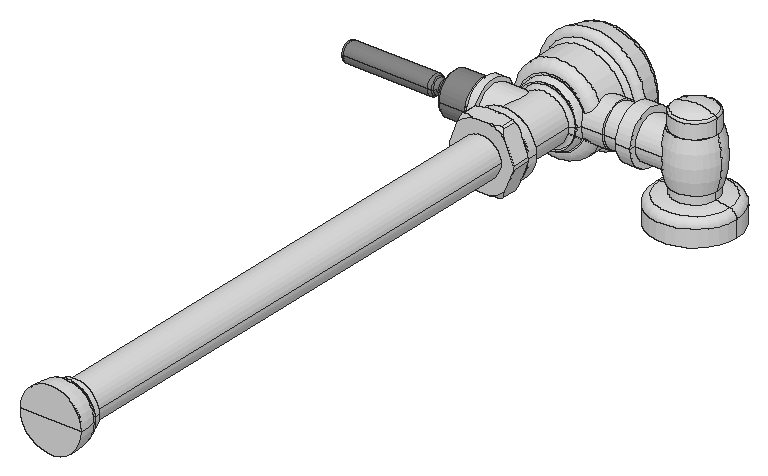
Revit family "---------Plumbing-Valves-Sloan-WES-115", category Plumbing Fixtures, host Face, Revit 2019
Family settings
  Host = Face
  Round Connector Dimension = Use Diameter
  Part Type = Normal
  OmniClass Number = 23.45.05.14.99
  OmniClass Title = Other Sanitary Washing Plumbing Fixtures
  Cut with Voids When Loaded = No
  Shared = No
  Room Calculation Point = No
Parameters (values of type "WES 115-1.6/1.1")
  Water Inlet Connection Diameter = 1"  # constant formula
  Waste Connection = no
  WFU = 0
  Vent Connection = no
  Valve Pressure Drop = 0.00 psi
  URL = "www.sloanvalve.com"
  Product data url = "https://www.bimobject.com/sloan_valve/product/flushometers_uppercut_wes-115"
  Product Material = Sloan Valve - Finish - Polished Chrome
  Product Guid = ""
  Part Number = "3720300"
  Operating Water Pressure = "15 – 80 PSI (103 – 552 kPa)"  # constant formula
  Model = "WES 115-1.6/1.1"
  Manufacturer = "Sloan Valve"  # constant formula
  Keynote = "15410"
  Height = 26 1/2"  # constant formula
  HWFU = 0
  HW Connection = no
  Flush Rate = "1.6/1.1 gpf (6.0/4.2 Lpf)"  # constant formula
  Edition number = 1
  Description = "1.6/1.1 gpf, Polished Chrome Finish, Fixture Connection Top Spud, Single Flush, UPPERCUT® Exposed Manual Water Closet Flushometer."
  Default Elevation = 0"
  Centerline of Supply to Centerline of Valve = 4 3/4"  # constant formula
  Centerline of Supply from Top of Fixture = 24"  # constant formula
  CWFU = 0
  CW Connection = yes
  Assembly Code = "D2020300"
Types (7): name | Part Number | Model | Description
  WES 115-1.6/1.1 | "3720300" | "WES 115-1.6/1.1" | "1.6/1.1 gpf, Polished Chrome Finish, Fixture Connection Top Spud, Single Flush, UPPERCUT® Exposed Manual Water Closet Flushometer."
  WES 115-1.6/1.1-U-WWT | "3720316" | "WES 115-1.6/1.1-U-WWT" | "1.6/1.1 gpf, Polished Chrome Finish, 1.25\" Flush Connection, Fixture Connection Top Spud, Single Flush, Whitworth Thread, UPPERCUT® Exposed Manual Water Closet Flushometer."
  WES 115-1.6/1.1-YI | "3720306" | "WES 115-1.6/1.1-YI" | "1.6/1.1 gpf, Double Wall Bumper, Polished Chrome Finish, Fixture Connection Top Spud, Single Flush, UPPERCUT® Exposed Manual Water Closet Flushometer."
  WES 115-1.6/1.1-T-2-OFST | "3720304" | "WES 115-1.6/1.1-T-2-OFST" | "1.6/1.1 gpf, Polished Chrome Finish, 1.5\" Flush Connection, Fixture Connection Top Spud, Single Flush, 2 Offset, UPPERCUT® Exposed Manual Water Closet Flushometer"
  WES 115-1.6/1.1-1-1/2-OFST-YK | "3720301" | "WES 115-1.6/1.1-1-1/2-OFST-YK" | "1.6/1.1 gpf, Polished Chrome Finish, Fixture Connection Top Spud, Single Flush, 1.5 Offset, Solid Ring Pipe Support, UPPERCUT® Exposed Manual Water Closet Flushometer."
  WES 115-1.6/1.1-WWT | "3720315" | "WES 115-1.6/1.1-WWT" | "1.6/1.1 gpf, Polished Chrome Finish, Fixture Connection Top Spud, Single Flush, Whitworth Thread, UPPERCUT® Exposed Manual Water Closet Flushometer"
  WES 115-1.6/1.1-2-OFST | "3720303" | "WES 115-1.6/1.1-2-OFST" | "1.6/1.1 gpf, Polished Chrome Finish, Fixture Connection Top Spud, Single Flush, 2 Offset, UPPERCUT® Exposed Manual Water Closet Flushometer."
Reference planes (in)
  plane 1 "Center (Front/Back)": y = 0
  plane 2: z = 0
  plane 3 "Center (Left/Right)": x = 0
  plane 4: x = 4.75
  plane 5: y = -24
Dimensions and locks (in)
  "Centerline of Supply to Centerline of Valve": plane 3 "Center (Left/Right)" to plane 4
  "Centerline of Supply from Top of Fixture": plane 5 to plane 1 "Center (Front/Back)"
  aligned and locked: plane 2 to host face
  aligned and locked: level to host face
Automatic sketch dimensions
  host sketch curve to host sketch curve = 96"
  host sketch curve to host sketch curve = 71"
Nested families (in)
  nested 1: "Geometry" at (0, -24, 0) x (1, 0, 0) z (0, 1, 0), type "Geometry"
Connectors (in)
  piping at (4.75, 0, 0), diameter 1, driven by "CWFU", driven by "Valve Pressure Drop", driven by "Water Inlet Connection Diameter"
    settings: on nested 1, index 2, connector inside diameter 24", connector length 0", flow factor 0, pipe flow 0 GPM, pressure drop 0.00 psi, fitting loss kfactor 0, connector angle 0.00°, fixture units 0, engagement length 0", angle of deflection 0.00°, flow configuration 3, flow direction 1, fitting loss method 4, system type 20, joint type 0, gender type 0, connector reference index -1, connector utility 0, adjustable connector no, is connector primary yes, connector description "Water Inlet Connection"
Definition of nested family "Geometry"
  Parameters (values of type "Geometry")
    URL = ""
    Product Material = none
    Model = ""
    Manufacturer = ""
    Keynote = ""
    Description = ""
    Default Elevation = 0"
    Assembly Code = ""
  Reference planes (in)
    plane 1 "Center (Front/Back)": y = 0
    plane 2: z = 0
    plane 3 "Center (Left/Right)": x = 0
    plane 4: x = 4.75
    plane 5: y = -2.25
    plane 6: z = 24
  Forms (in)
    Extrusion 1, solid
      sketch origin (0, 0, 0) x (1, 0, 0) y (0, 1, 0)
        loop
          line (-48, 48) -> (-48, -48) -> (48, -48) -> (48, 48) -> (-48, 48)
      from 0 to -12
    Extrusion 2, solid, not visible
      sketch origin (0, 0, 0) x (1, 0, 0) y (0, 0, 1)
        loop
          circle (4.75, 24) r 1
      from 0.07956 to 0
    Revolve 3, solid, material <- "Product Material"
      sketch origin (-9.4368, -180, 24) x (-1, 0, 0) y (0, -1, 0)
        loop
          line (-14.1868, -180) -> (-12.63232, -180) -> (-12.63232, -179.38855)
          arc (-12.63232, -179.38855) -> (-12.70385, -179.19724) -> (-12.88334, -179.09978) r 0.29161
          arc (-12.88334, -179.09978) -> (-13.13907, -179.03831) -> (-13.40003, -179.00554) r 2.37095
          line (-13.40003, -179.00554) -> (-13.40003, -178.6752) -> (-13.34098, -178.6752)
          arc (-13.34098, -178.6752) -> (-13.18676, -177.75) -> (-13.34098, -176.8248) r 2.85227
          line (-13.34098, -176.8248) -> (-13.38035, -176.8248) -> (-13.38035, -176.30914)
          arc (-13.38035, -176.30914) -> (-13.39572, -176.25773) -> (-13.4368, -176.22321) r 0.09363
          arc (-13.4368, -176.22321) -> (-13.80226, -176.09611) -> (-14.1868, -176.05303) r 1.73773
          line (-14.1868, -176.05303) -> (-14.1868, -180)
        axis (-14.1868, -180) -> (-14.1868, -176.05303)
      angle from 0 to 360
    Revolve 4, solid, material <- "Product Material"
      sketch origin (-6.95658, -2.25, 142.48031) x (1, 0, 0) y (0, 0, 1)
        loop
          arc (8.09831, -142.48031) -> (8.08758, -142.15646) -> (8.04191, -141.83566) r 2.99497
          arc (8.04191, -141.83566) -> (7.98413, -141.71305) -> (7.86182, -141.65462) r 0.20189
          line (7.86182, -141.65462) -> (7.86182, -141.37914) -> (7.67533, -141.37914) -> (7.67533, -122.46637) -> (6.95658, -122.46637) -> (6.95658, -142.48031) -> (8.09831, -142.48031)
        loop
          line (6.95658, -121.31012) -> (7.86209, -121.31012) -> (7.86209, -119.571)
          arc (7.86209, -119.571) -> (7.90326, -119.47161) -> (8.00266, -119.43044) r 0.14057
          line (8.00266, -119.43044) -> (8.05894, -119.43044)
          arc (8.05894, -119.43044) -> (8.11858, -119.29902) -> (8.15737, -119.16002) r 0.93862
          line (8.15737, -119.16002) -> (8.22206, -119.16002)
          arc (8.22206, -119.16002) -> (8.4762, -119.05475) -> (8.58147, -118.80061) r 0.35941
          line (8.58147, -118.80061) -> (8.58147, -117.76424)
          arc (8.58147, -117.76424) -> (8.61171, -117.6454) -> (8.68331, -117.54584) r 0.32943
          arc (8.68331, -117.54584) -> (8.86833, -117.46921) -> (8.94497, -117.28419) r 0.26166
          line (8.94497, -117.28419) -> (8.79543, -116.58066)
          arc (8.79543, -116.58066) -> (8.71339, -116.44679) -> (8.56539, -116.39438) r 0.23518
          arc (8.56539, -116.39438) -> (8.33198, -116.37377) -> (8.09831, -116.35636) r 17.15253
          line (8.09831, -116.35636) -> (8.09831, -116.08915) -> (7.70461, -116.08915) -> (7.64556, -115.97104) -> (6.95658, -115.97104) -> (6.95658, -121.31012)
        axis (6.95658, -142.48031) -> (6.95658, -115.97104)
      angle from 0 to 360
    Revolve 5, solid
      sketch origin (-6.95658, -2.25, 142.48031) x (1, 0, 0) y (0, 0, 1)
        loop
          line (5, -119.98031) -> (5, -119.2126) -> (4.0171, -119.2126)
          arc (4.0171, -119.2126) -> (3.92793, -119.28226) -> (3.85827, -119.37143) r 0.46405
          line (3.85827, -119.37143) -> (3.85827, -119.56828)
          arc (3.85827, -119.56828) -> (3.70972, -119.61345) -> (3.58268, -119.7027) r 0.49152
          arc (3.58268, -119.7027) -> (3.48425, -119.74264) -> (3.38583, -119.7027) r 0.14124
          line (3.38583, -119.7027) -> (3.35236, -119.66923)
          arc (3.35236, -119.66923) -> (3.3041, -119.63698) -> (3.24717, -119.62566) r 0.14875
          line (3.24717, -119.62566) -> (0.11476, -119.62566)
          arc (0.11476, -119.62566) -> (0.03361, -119.65927) -> (0, -119.74042) r 0.11476
          line (0, -119.74042) -> (0, -119.98031) -> (5, -119.98031)
        axis (5, -119.98031) -> (0, -119.98031)
      angle from 0 to 360
    Revolve 6, solid, material <- "Product Material"
      sketch origin (-6.95658, -2.25, 142.48031) x (1, 0, 0) y (0, 0, 1)
        loop
          line (5, -119.98031) -> (6.93793, -119.98031) -> (6.93793, -119.15943) -> (5.43793, -119.15943) -> (5.43793, -119.01995) -> (5.15693, -119.01995)
          arc (5.15693, -119.01995) -> (5.07114, -119.08245) -> (5, -119.16123) r 0.5144
          line (5, -119.16123) -> (5, -119.98031)
        axis (6.93793, -119.98031) -> (5, -119.98031)
      angle from 0 to 360
    Revolve 7, solid, material <- "Product Material"
      sketch origin (-6.95658, -2.25, 142.48031) x (1, 0, 0) y (0, 0, 1)
        loop
          line (10.08152, -117.7126) -> (10.08152, -117.49606) -> (9.55027, -117.49606) -> (9.55027, -117.7126) -> (8.927, -117.7126) -> (8.927, -117.67323) -> (6.95658, -117.67323) -> (6.95658, -118.48031) -> (11.70658, -118.48031) -> (11.70658, -117.7126) -> (10.08152, -117.7126)
        axis (6.95658, -118.48031) -> (11.70658, -118.48031)
      angle from 0 to 360
  Lines and regions (in)
    Masking region 1
      outline origin (0, 0, 0) x (1, 0, 0) y (0, 1, 0)
        loop
          line (6.30453, 0) -> (3.19547, 0) -> (3.19547, -0.60176)
          arc (3.19547, -0.60176) -> (3.27619, -0.78833) -> (3.4459, -0.90022) r 0.3557
          arc (3.4459, -0.90022) -> (3.7016, -0.962) -> (3.9626, -0.99481) r 2.34951
          line (3.9626, -0.99481) -> (3.9626, -1.3248) -> (3.90354, -1.3248)
          arc (3.90354, -1.3248) -> (3.87677, -1.40444) -> (3.85241, -1.48484) r 2.77845
          line (3.85241, -1.48484) -> (3.12437, -1.48484) -> (3.12437, -1.26142) -> (2.59312, -1.26142) -> (2.59312, -1.44004) -> (1.81594, -1.44004)
          arc (1.81594, -1.44004) -> (0.08397, -0.26339) -> (-1.74112, -1.2897) r 1.98839
          line (-1.74112, -1.2897) -> (-1.79975, -1.2897)
          arc (-1.79975, -1.2897) -> (-1.88585, -1.35177) -> (-1.95658, -1.43091) r 0.49065
          line (-1.95658, -1.43091) -> (-1.95658, -1.48228) -> (-2.93948, -1.48228)
          arc (-2.93948, -1.48228) -> (-3.02916, -1.55144) -> (-3.09831, -1.64112) r 0.44191
          line (-3.09831, -1.64112) -> (-3.09831, -1.83797)
          arc (-3.09831, -1.83797) -> (-3.24623, -1.8825) -> (-3.37186, -1.97238) r 0.47212
          arc (-3.37186, -1.97238) -> (-3.47131, -2.01358) -> (-3.57076, -1.97238) r 0.14064
          line (-3.57076, -1.97238) -> (-3.60102, -1.94212)
          arc (-3.60102, -1.94212) -> (-3.6522, -1.90792) -> (-3.71256, -1.89592) r 0.15774
          line (-3.71256, -1.89592) -> (-6.83954, -1.89592)
          arc (-6.83954, -1.89592) -> (-6.92313, -1.92067) -> (-6.95928, -2) r 0.10511
          line (-6.95928, -2) -> (-6.95928, -2.25) -> (-6.95928, -2.5)
          arc (-6.95928, -2.5) -> (-6.92313, -2.57933) -> (-6.83954, -2.60408) r 0.10511
          line (-6.83954, -2.60408) -> (-3.71256, -2.60408)
          arc (-3.71256, -2.60408) -> (-3.6522, -2.59208) -> (-3.60102, -2.55788) r 0.15774
          line (-3.60102, -2.55788) -> (-3.57076, -2.52762)
          arc (-3.57076, -2.52762) -> (-3.47131, -2.48642) -> (-3.37186, -2.52762) r 0.14064
          arc (-3.37186, -2.52762) -> (-3.24623, -2.6175) -> (-3.09831, -2.66203) r 0.47212
          line (-3.09831, -2.66203) -> (-3.09831, -2.85888)
          arc (-3.09831, -2.85888) -> (-3.02916, -2.94856) -> (-2.93948, -3.01772) r 0.44191
          line (-2.93948, -3.01772) -> (-1.95658, -3.01772) -> (-1.95658, -3.06909)
          arc (-1.95658, -3.06909) -> (-1.88585, -3.14823) -> (-1.79975, -3.2103) r 0.49065
          line (-1.79975, -3.2103) -> (-1.74112, -3.2103)
          arc (-1.74112, -3.2103) -> (0.08402, -4.23661) -> (1.81598, -3.05987) r 1.98839
          line (1.81598, -3.05987) -> (2.59312, -3.05987) -> (2.59312, -3.23579) -> (3.12437, -3.23579) -> (3.12437, -3.01791) -> (3.8532, -3.01791)
          arc (3.8532, -3.01791) -> (3.8772, -3.09693) -> (3.90354, -3.1752) r 2.77845
          line (3.90354, -3.1752) -> (3.94291, -3.1752) -> (3.94291, -3.6752)
          arc (3.94291, -3.6752) -> (3.95934, -3.74449) -> (4.00511, -3.79904) r 0.1544
          arc (4.00511, -3.79904) -> (4.75, -3.97483) -> (5.49489, -3.79904) r 1.66617
          arc (5.49489, -3.79904) -> (5.54066, -3.74449) -> (5.55709, -3.6752) r 0.1544
          line (5.55709, -3.6752) -> (5.55709, -3.1752) -> (5.59646, -3.1752)
          arc (5.59646, -3.1752) -> (5.75502, -2.25) -> (5.59646, -1.3248) r 2.77845
          line (5.59646, -1.3248) -> (5.5374, -1.3248) -> (5.5374, -0.99481)
          arc (5.5374, -0.99481) -> (5.7984, -0.962) -> (6.0541, -0.90022) r 2.34951
          arc (6.0541, -0.90022) -> (6.22381, -0.78833) -> (6.30453, -0.60176) r 0.3557
          line (6.30453, -0.60176) -> (6.30453, 0)
    symbolic lines, detail levels medium+fine
      curve 1: line (5.59646, -3.1752, 0) -> (3.90354, -3.1752, 0)
      curve 2: line (5.59646, -1.3248, 0) -> (3.90354, -1.3248, 0)
      curve 3: line (3.9594, -1.00041, 0) -> (5.54725, -1.00041, 0)
      curve 4: line (3.12494, -1.29358, 0) -> (3.12494, -2.25, 0)
      curve 5: line (3.12494, -2.25, 0) -> (3.12494, -3.20642, 0)
      curve 6: line (2.59369, -1.29358, 0) -> (2.59369, -2.25, 0)
      curve 7: line (2.59369, -2.25, 0) -> (2.59369, -3.20642, 0)
      curve 8: line (-2.93948, -1.48228, 0) -> (-2.93948, -3.01772, 0)
      curve 9: line (-1.95658, -1.43091, 0) -> (-1.95658, -1.89578, 0)
      curve 10: line (-1.95658, -3.01772, 0) -> (-1.95658, -2.60422, 0)
      curve 11: line (-3.09831, -1.83797, 0) -> (-3.09831, -2.66203, 0)
      curve 16: arc (0.68898, -2.25, 0) -> (0, -1.56102, 0) -> (-0.68898, -2.25, 0) r 0.68898
      curve 17: arc (-0.68898, -2.25, 0) -> (0, -2.93898, 0) -> (0.68898, -2.25, 0) r 0.68898
      curve 19: arc (-1.74112, -1.2897, 0) -> (-1.98839, -2.25, 0) -> (-1.74112, -3.2103, 0) r 1.98839
      curve 20: arc (1.81594, -1.44004, 0) -> (1.98839, -2.25, 0) -> (1.81594, -3.05996, 0) r 1.98839
    symbolic lines, detail levels fine
      curve 12: arc (1.14173, -2.25, 0) -> (0, -1.10827, 0) -> (-1.14173, -2.25, 0) r 1.14173
      curve 13: arc (-1.14173, -2.25, 0) -> (0, -3.39173, 0) -> (1.14173, -2.25, 0) r 1.14173
      curve 14: arc (0.74803, -2.25, 0) -> (0, -1.50197, 0) -> (-0.74803, -2.25, 0) r 0.74803
      curve 15: arc (-0.74803, -2.25, 0) -> (0, -2.99803, 0) -> (0.74803, -2.25, 0) r 0.74803
      curve 18: circle (0, -2.25, 0) r 1.60881 normal (0, 0, 1)
  Dimensions and locks (in)
    Extrusion 2 sketch curve to plane 2 = 24"
    Extrusion 2 sketch curve to plane 3 "Center (Left/Right)" = 4 3/4"
    plane 3 "Center (Left/Right)" to plane 4 = 4 3/4"
    plane 6 to plane 2 = 24"
    aligned and locked: plane 2 to Extrusion 1
    aligned and locked: level to Extrusion 1
    aligned and locked: Extrusion 2 to plane 1 "Center (Front/Back)"
  Nested families (in)
    nested 1: "Royal Adapter" at (0, -2.25, 20.01394) x (-1, 0, 0) z (0, 0, 1), type "Optima Adapter"
  Definition of nested family "Royal Adapter"
    Parameters
      Flushometer Body = none
      Assembly Code = ""
    Reference planes (in)
      plane 1 "Center (Front/Back)": y = 0
      plane 2 "Bottom": z = 0
      plane 3 "Center (Left/Right)": x = 0
      plane 4: z = 0.6875
      plane 5: z = 0
      plane 6 "Top": z = 1.15625
      plane 7: x = -1.00394
      plane 8: x = 1.00394
      plane 9: y = 1.00394
      plane 10: y = -1.00394
      plane 11: x = -0.90551
      plane 12: x = 0.90551
      plane 13: y = 0.90551
      plane 14: y = -0.90551
    Forms (in)
      Blend 1, solid, material <- "Flushometer Body"
        base sketch origin (0, 0, 0.7874) x (1, 0, 0) y (0, 1, 0)
          loop
            circle (0, 0) r 1.1811
        top sketch origin (0, 0, 0.7874) x (1, 0, 0) y (0, 1, 0)
          loop
            circle (0, 0) r 0.8673
        from 0.26599 to 0.36885
      Extrusion 2, solid, material <- "Flushometer Body"
        sketch origin (3.5659, 28.25, -0.28276) x (1, 0, 0) y (0, 1, 0)
          loop
            line (-2.79667, -29.38337) -> (-2.3784, -28.30413) -> (-2.3784, -28.19587) -> (-2.79667, -27.11663) -> (-2.89042, -27.0625) -> (-4.24137, -27.0625) -> (-4.33512, -27.11663) -> (-4.7534, -28.19587) -> (-4.7534, -28.30413) -> (-4.33512, -29.38337) -> (-4.24137, -29.4375) -> (-2.89042, -29.4375) -> (-2.79667, -29.38337)
        from 0.28276 to 0.97026
      Revolve 3, solid, material <- "Flushometer Body"
        sketch origin (0, 0, -6.85938) x (1, 0, 0) y (0, 0, 1)
          loop
            line (-1.1875, 7.91276) -> (-1.1875, 7.54688) -> (0, 7.54688) -> (0, 7.91276) -> (-1.1875, 7.91276)
          axis (0, 7.54688) -> (0, 7.91276)
        angle from 0 to 360
      Sweep 4, void
        path origin (-6.04882, -180, 0.6875) x (-1, 0, 0) y (0, -1, 0)
          loop
            circle (-6.04882, -180) r 1.08978
        profile origin (0, -1.08978, 0.6875) x (0, 1, 0) y (0, 0, 1)
          loop
            line (0.07741, 0.05661) -> (-0.42957, 0.05661) -> (-0.42957, -0.31393)
            arc (-0.42957, -0.31393) -> (-0.23088, -0.05368) -> (0.07741, 0.05661) r 0.5772
          loop
            arc (0.07741, -0.74411) -> (-0.23088, -0.63382) -> (-0.42957, -0.37357) r 0.5772
            line (-0.42957, -0.37357) -> (-0.42957, -0.74411) -> (0.07741, -0.74411)
    Cuts and joins
      Sweep 4 cuts Extrusion 2
    Dimensions and locks (in)
      locked: plane 6 "Top" to plane 4 at 0.46875
      locked: plane 4 to plane 5 at 0.6875
      locked: plane 8 to plane 7 at 2.00787
      locked: plane 11 to plane 12 at 1.81102
      locked: plane 9 to plane 10 at 2.00787
      locked: plane 13 to plane 14 at 1.81102
      Extrusion 2 sketch curve to Extrusion 2 sketch curve = 2 3/8"
      locked: Extrusion 2 sketch curve to Extrusion 2 sketch curve at 2.375  (x2)
      aligned and locked: level to plane 2 "Bottom"
      aligned and locked: plane 2 "Bottom" to plane 5
      aligned and locked: Blend 1 to plane 6 "Top"
      aligned and locked: Revolve 3 sketch curve to Blend 1
      aligned and locked: plane 4 to Revolve 3 sketch curve
      aligned and locked: plane 3 "Center (Left/Right)" to Revolve 3 sketch curve
      aligned and locked: Revolve 3 sketch curve to Revolve 3 sketch curve
      aligned and locked: plane 4 to Extrusion 2
      aligned and locked: Extrusion 2 to level
